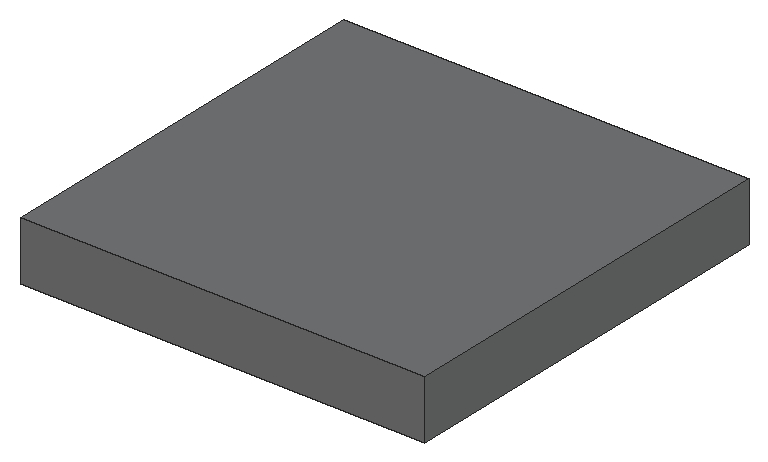
Revit family "Gira_536303", category Electrical Fixtures, host Face, Revit 2017
Family settings
  Host = Face
  Maintain Annotation Orientation = No
  Round Connector Dimension = Use Diameter
  Part Type = Normal
  Cut with Voids When Loaded = No
  Shared = No
  Room Calculation Point = No
Parameters (values of type "S3000 op.top Memory System 55 p.white")
  With LED indication = "No"
  URL = "http://katalog.gira.de/en/datenblatt.html?artikelnr=536303"
  Transparent = "No"
  Suitable for application with venetian shutter switch = "Yes"
  Suitable for application with switch = "No"
  Suitable for application with dimmer = "No"
  Number of actuation points = "4"
  Name = "S3000 op.top Memory System 55 p.white"
  Manufacturer URL = "https://www.gira.de/"
  Manufacturer = "Gira"
  Keynote = ""
  HeinzeBIM = "https://bimportal.heinze.de/bim/s3000-op-top-memory-system-55-p-white/f77254631967d32bc90afb30a0e6e1c2f48b7408"
  HAN = "536303"
  GTIN = "4010337027355"
  Description = "S3000 op.top Memory Sys55 PW,System 3000 operating top unit Memory,,pure white glossy,Features:,- Save a time for raising and lowering blinds or a switch-on and switch-off time. In memory mode, these switching times are repeated every 24 hours.,- The blocking function blocks operation of the auxiliary unit and deactivates memory mode.,- Adjustbable night mode. Status LED and function LED are not lit up continuously."
  Default Elevation = 1219.2 mm
  Data sheet (1) = "https://katalog.gira.de/en/download.html?artikelnr=536303"
  Category = "Intelligent control element"
  BIM (1) = "https://media.stage.bim.site/public/gira/36a6b08/Sys55_Abdeckung_Schalten und Tasten.rfa?public/gira/36a6b08/Sys55_Abdeckung_Schalten und Tasten.rfa"
  Available = "No"
  Application = "Control of electrical users"
  Anthrazit [instance] = Anthrazit
Reference planes
  plane 1 "Center (Front/Back)": y = 0
  plane 2: z = 0
  plane 3 "Center (Left/Right)": x = 0
Forms (mm)
  Extrusion 1, solid, material "Anthrazit" <- "Anthrazit", detail levels fine
    sketch origin (0, 0, 0) x (1, 0, 0) y (0, 1, 0)
      loop
        line (-27.5, 27.5) -> (-27.5, -27.5) -> (27.5, -27.5) -> (27.5, 27.5) -> (-27.5, 27.5)
    from 0 to 8
  Extrusion 2, void
    sketch origin (0, 0, 0) x (1, 0, 0) y (0, 1, 0)
      loop
        line (26, 26) -> (-26, 26) -> (-26, -26) -> (26, -26) -> (26, 26)
    from 0 to 6
  Extrusion 3, solid, material "Anthrazit" <- "Anthrazit", detail levels medium
    sketch origin (0, 0, 0) x (1, 0, 0) y (0, 1, 0)
      loop
        line (-27.5, 27.5) -> (-27.5, -27.5) -> (27.5, -27.5) -> (27.5, 27.5) -> (-27.5, 27.5)
    from 0 to 8
  Extrusion 4, solid, material "Anthrazit" <- "Anthrazit", detail levels medium
    sketch origin (0, 0, 0) x (1, 0, 0) y (0, 1, 0)
      loop
        line (11, -17.5) -> (11, 17.5) -> (-11, 17.5) -> (-11, -17.5) -> (11, -17.5)
    from -6 to 6
  Extrusion 5, solid, material "Anthrazit" <- "Anthrazit", detail levels fine
    sketch origin (0, 0, 0) x (1, 0, 0) y (0, 1, 0)
      loop
        line (11, 17.5) -> (-11, 17.5) -> (-11, 16.5) -> (11, 16.5) -> (11, 17.5)
      loop
        line (-11, -16.5) -> (-11, -17.5) -> (11, -17.5) -> (11, -16.5) -> (-11, -16.5)
    from -4 to 6
  Extrusion 6, solid, material "Anthrazit" <- "Anthrazit", detail levels fine
    sketch origin (0, 0, 0) x (1, 0, 0) y (0, 1, 0)
      loop
        arc (5, 9.347) -> (0, 10.6) -> (-5, 9.347) r 10.6
        line (-5, 9.347) -> (-5, -9.347)
        arc (-5, -9.347) -> (0, -10.6) -> (5, -9.347) r 10.6
        line (5, -9.347) -> (5, 9.347)
    from -6 to 6
  Extrusion 7, solid, material "Anthrazit" <- "Anthrazit", detail levels coarse
    sketch origin (0, 0, 0) x (1, 0, 0) y (0, 1, 0)
      loop
        line (-27.5, 27.5) -> (-27.5, -27.5) -> (27.5, -27.5) -> (27.5, 27.5) -> (-27.5, 27.5)
    from -6 to 8
Cuts and joins
  Extrusion 2 cuts Extrusion 1
Dimensions and locks
  aligned and locked: plane 2 to host face
  aligned and locked: level to host face
